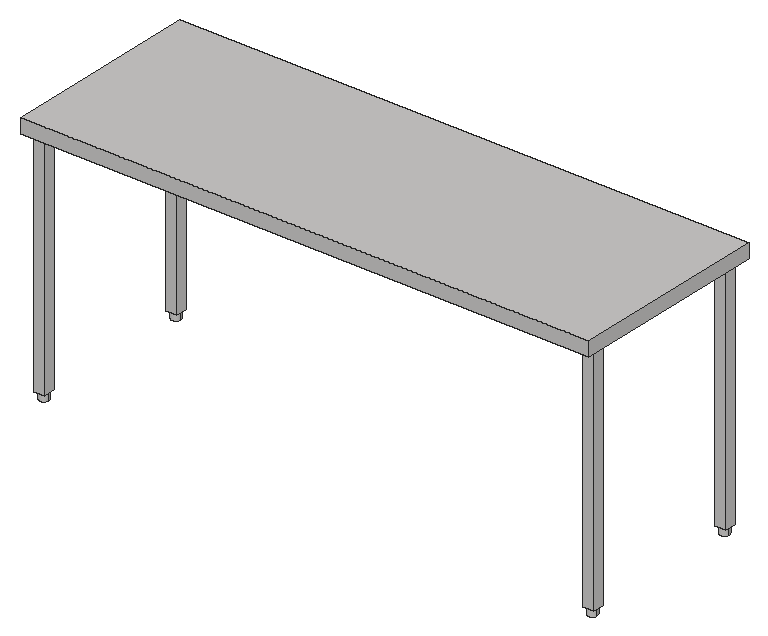
Revit family "QF_ELECTROLUXPROFESSIONAL_132728_TG2000PN", category Attrezzature speciali, Revit 2020
Family settings
  Quota connettore circolare = Usa diametro
  Tipo di parte = Normale
  Basato su piano di lavoro = No
  Sempre verticale = Sì
  Taglio con vuoti quando caricato = No
  Condiviso = No
  Punto di calcolo locali = No
Parameters (values of type "Standard")
  Weight = 58.00 kg
  Watts = 0 W
  Volts = 0 V
  URL Manufacturer = "https://www.electroluxprofessional.com/"
  URL = "https://www.electroluxprofessional.com/"
  Steam Supply Size = 0 mm
  Steam Supply Minimum Pressure = 0.0 Pa
  Steam Supply Maximum Pressure = 0.0 Pa
  Steam Consumption per Hour = 0
  Refrigeration Suction Line Size = 0.0 mm
  Refrigeration Liquid Line Size = 0.0 mm
  Refrigerant Compressor Remote = yes
  Prospetto di default = 0.0 mm
  Produttore = "Electrolux Professional"
  Phase = 0
  Modello = "TG2000PN"
  Length Actual = 2000.0 mm  # constant formula
  Item Number = "132728"
  Hot Water Size = 0 mm
  Height Actual = 900.0 mm  # constant formula
  HP = "0 HP"
  Gas Size = 0 mm
  Gas KW = 0
  Gas Input Pressure = 0 W
  Direct Waste Size = 0 mm
  Descrizione = "WORK TABLE 2000 MM"
  Depth Actual = 700.0 mm  # constant formula
  Cycle = 0 Hz
  Condensate Return Size = 0 mm
  Compressed Air Volume = 0.0 L/s
  Compressed Air Size = 0 mm
  Compressed Air Pressure = 0.0 Pa
  Cold Water Size = 0 mm
  Accessory = yes
Reference planes
  plane 1 "Center (Front/Back)": y = 0
  plane 2: z = 0
  plane 3 "Center (Left/Right)": x = -500
  plane 4 "LEFT": x = -1500
  plane 5 "RIGHT": x = 500
  plane 6 "BACK": y = 350
  plane 7 "FRONT": y = -350
  plane 8 "Base": z = 850
  plane 9 "TOP": z = 900
  plane 10: x = -1464.5
  plane 11: x = 464.5
  plane 12: y = 290
  plane 13: y = -290
Forms (mm)
  Extrusion 1, solid, material "QF_Finishes_Stainless Steel"
    sketch origin (-500, 0, 0) x (0, 1, 0) y (0, 0, 1)
      loop
        line (-350, 850) -> (350, 850) -> (350, 900) -> (-350, 900) -> (-350, 850)
    from 1000 to -1000
Lines and regions (mm)
  symbolic lines
    curve 1: line (500, 350, 900) -> (-1500, 350, 900)
    curve 2: line (-1500, 350, 900) -> (-1500, -350, 900)
    curve 3: line (-1500, -350, 900) -> (500, -350, 900)
    curve 4: line (500, -350, 900) -> (500, 350, 900)
Dimensions and locks
  plane 4 "LEFT" to plane 5 "RIGHT" = 2000.0 mm
  equal spacing: plane 4 "LEFT", plane 3 "Center (Left/Right)", plane 5 "RIGHT"
  locked: plane 8 "Base" to level at 850
  plane 4 "LEFT" to plane 10 = 35.5 mm
  plane 11 to plane 5 "RIGHT" = 35.5 mm
  plane 10 to plane 11 = 1929.0 mm
  locked: plane 9 "TOP" to level at 900
  plane 6 "BACK" to plane 12 = 60.0 mm
  plane 13 to plane 7 "FRONT" = 60.0 mm
  plane 6 "BACK" to plane 7 "FRONT" = 700.0 mm
  plane 12 to plane 13 = 580.0 mm
  equal spacing: plane 6 "BACK", plane 1 "Center (Front/Back)", plane 7 "FRONT"
  aligned and locked: level to plane 2
  aligned and locked: plane 10 to nested 1
  aligned and locked: nested 1 to plane 13
  aligned and locked: plane 11 to nested 2
  aligned and locked: nested 2 to plane 13
  aligned and locked: plane 11 to nested 4
  aligned and locked: nested 4 to plane 12
  aligned and locked: plane 10 to nested 3
  aligned and locked: nested 3 to plane 12
  aligned and locked: Extrusion 1 to plane 4 "LEFT"
  aligned and locked: plane 5 "RIGHT" to Extrusion 1
  aligned and locked: curve 2 to plane 4 "LEFT"
Automatic sketch dimensions
  Extrusion 1 sketch curve to plane 7 "FRONT" = 0.0 mm
  Extrusion 1 sketch curve to plane 8 "Base" = 0.0 mm
  curve 3 to plane 7 "FRONT" = 0.0 mm
  curve 4 to plane 6 "BACK" = 0.0 mm
  Extrusion 1 sketch curve to plane 9 "TOP" = 0.0 mm
  Extrusion 1 sketch curve to plane 6 "BACK" = 0.0 mm
  curve 4 to plane 5 "RIGHT" = 0.0 mm
Nested families
  nested 1: "FEET_40x40" at (-1464.5, -290, 0), type "FEET_40x40"
  nested 2: "FEET_40x40" at (464.5, -290, 0), type "FEET_40x40"
  nested 3: "FEET_40x40" at (-1464.5, 290, 0), type "FEET_40x40"
  nested 4: "FEET_40x40" at (464.5, 290, 0), type "FEET_40x40"
Definition of nested family "FEET_40x40"
  Parameters
    Default Elevation = 0.0 mm
    FEET = 850.0 mm
  Reference planes
    plane 1 "Center (Front/Back)": y = 0
    plane 2: z = 0
    plane 3 "Center (Left/Right)": x = 0
    plane 4: z = 850
  Forms (mm)
    Extrusion 1, solid
      sketch origin (0, 0, 0) x (1, 0, 0) y (0, 1, 0)
        loop
          line (-20, -20) -> (20, -20) -> (20, 20) -> (-20, 20) -> (-20, -20)
      from 25 to 845
    Extrusion 2, solid
      sketch origin (0, 0, 0) x (1, 0, 0) y (0, 1, 0)
        loop
          circle (0, 0) r 16
      from 0 to 25
    Extrusion 3, solid
      sketch origin (0, 0, 0) x (1, 0, 0) y (0, 1, 0)
        loop
          line (30, 30) -> (-30, 30) -> (-30, -30) -> (30, -30) -> (30, 30)
      from 845 to 850
  Lines and regions (mm)
    symbolic lines
      curve 1: line (0, -1.503, 0) -> (0, 1.508, 0)
      curve 2: line (1.561, 0, 0) -> (-1.439, 0, 0)
  Dimensions and locks
    "FEET": plane 4 to plane 2
    aligned and locked: level to plane 2
  Automatic sketch dimensions
    Extrusion 1 sketch curve to plane 3 "Center (Left/Right)" = 20.0 mm
    plane 3 "Center (Left/Right)" to Extrusion 1 sketch curve = 20.0 mm
    plane 1 "Center (Front/Back)" to Extrusion 1 sketch curve = 20.0 mm
    Extrusion 1 sketch curve to plane 1 "Center (Front/Back)" = 20.0 mm
    plane 1 "Center (Front/Back)" to Extrusion 2 sketch curve = 0.0 mm
    Extrusion 2 sketch curve to plane 3 "Center (Left/Right)" = 0.0 mm
    plane 3 "Center (Left/Right)" to Extrusion 3 sketch curve = 30.0 mm
    Extrusion 3 sketch curve to plane 1 "Center (Front/Back)" = 30.0 mm
    Extrusion 3 sketch curve to plane 3 "Center (Left/Right)" = 30.0 mm
    plane 1 "Center (Front/Back)" to Extrusion 3 sketch curve = 30.0 mm
    plane 1 "Center (Front/Back)" to curve 2 = 0.0 mm
    curve 1 to plane 3 "Center (Left/Right)" = 0.0 mm
    curve 2 to plane 3 "Center (Left/Right)" = 1.439 mm
    plane 3 "Center (Left/Right)" to curve 2 = 1.561 mm
    plane 1 "Center (Front/Back)" to curve 1 = 1.503 mm
    curve 1 to plane 1 "Center (Front/Back)" = 1.508 mm
    radius of Extrusion 2 sketch curve = 16.0 mm
